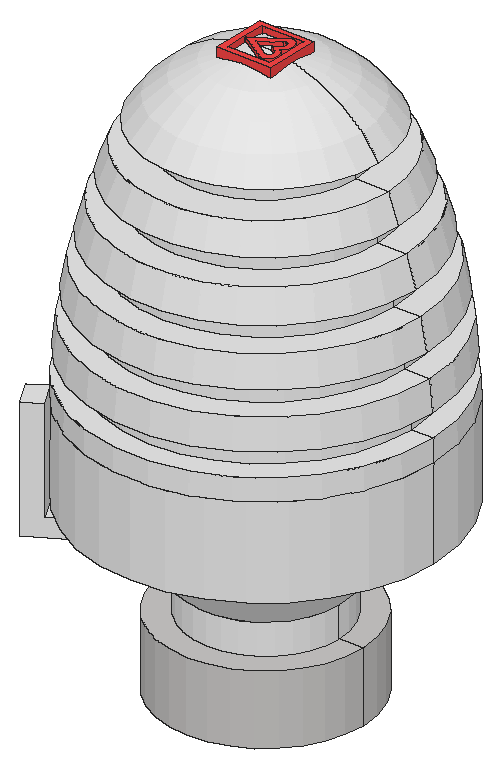
Revit family "Термостатическая головка HERZ-Design, с присоединительной резьбой М 28х1.5, 9260", category Rohrzubehör, Revit 2019
Family settings
  Bemaßung runder Anschluss = Durchmesser verwenden
  Teiletyp = Normal
  OmniClass-Nummer = 23.65.55.14
  OmniClass-Titel = Valves for Liquid Services
  Arbeitsebenenbasiert = Nein
  Immer vertikal = Nein
  Beim Laden mit Abzugskörper schneiden = Nein
  Gemeinsam genutzt = Nein
Parameters
  Принцип действия = "HERZ-термостатическая головка является датчиком прямого регулирования.\r\nИзменение объема жидкости в HERZ-гидросенсоре приводит в движение шток клапана."
  Область применения = "Для монтажа на всех HERZ-клапанах, предназначенных для термостатической работы."
  Номер заказа = 1926006  # constant formula
  Морозозащита = 6 °C  # constant formula
  Маховик = "Пластик, белый"  # constant formula
  Исполнение = "Термостатическая головка с жидкостным датчиком (гидросенсором) с позициями теплового запираниия \"0\" и морозозащиты, с ограничением и блокировкой диапазона регулирования. Цвет маховика - белый."
  Диапазон регулирования = "6-28°C"  # constant formula
  URL = "www.herz-armaturen.ru"
  S02 = 60.000 mm  # constant formula
  S01 = 90.000 mm  # constant formula
  Hersteller = "HERZ Armaturen Ges.m.b.H."  # constant formula
Reference planes
  plane 1 "Mitte (Vorne/hinten)": y = 0
  plane 2: z = 0
  plane 3 "Mitte (Links/rechts)": x = 0
Forms (mm)
  Revolve 1, solid, material "Kunststoff weiß", detail levels fine
    sketch origin (0, 0, 0) x (1, 0, 0) y (0, 0, 1)
      loop
        line (0, 0) -> (0, 90)
        arc (0, 90) -> (-10.767, 87.197) -> (-18.8, 79.5) r 22.08
        arc (-18.8, 79.5) -> (-25.672, 59.356) -> (-28, 38.2) r 97.301
        line (-28, 38.2) -> (-28, 23.2) -> (-23.25, 23.2) -> (-23.25, 20.5) -> (-20.4, 20.5) -> (-20.4, 19.7) -> (-12.2, 11.5) -> (-12.2, 4.8) -> (-13.2, 4.8) -> (-13.2, 0) -> (0, 0)
      axis (0, 90) -> (0, 0)
    angle from 0 to 360
  Extrusion 2, solid, material "Kunststoff weiß", detail levels fine
    sketch origin (0, 0, 0) x (0.866025, 0.5, 0) y (0, 0, 1)
      loop
        line (-28.5, 36.04) -> (-31.75, 36.04) -> (-31.75, 16.2) -> (-20.85, 16.2) -> (-20.85, 20.5) -> (-23.25, 20.5) -> (-23.25, 21.5) -> (-24.578, 19.2) -> (-28.5, 19.2) -> (-28.5, 36.04)
    from 2.5 to -2.5
  Extrusion 3, solid, material "Kunststoff weiß", detail levels fine
    sketch origin (0, 0, 0) x (0, 1, 0) y (0, 0, 1)
      loop
        arc (0.75, 19.2) -> (1.987, 19.713) -> (2.5, 20.95) r 1.75
        line (2.5, 20.95) -> (2.5, 32.2) -> (-2.5, 32.2) -> (-2.5, 20.95)
        arc (-2.5, 20.95) -> (-1.987, 19.713) -> (-0.75, 19.2) r 1.75
        line (-0.75, 19.2) -> (0.75, 19.2)
    from 0 to -31.5
  Revolve 4, solid, material "Messing verzinkt", detail levels fine
    sketch origin (0, 0, 0) x (1, 0, 0) y (0, 0, 1)
      loop
        line (0, 0) -> (0, 6.5) -> (-16.25, 6.5) -> (-16.25, -5) -> (-14, -5) -> (-14, 0) -> (0, 0)
      axis (0, 6.5) -> (0, -5)
    angle from 0 to 360
  Revolve 5, void
    sketch origin (0, 0, 0) x (1, 0, 0) y (0, 0, 1)
      loop
        arc (-18.8, 79.5) -> (-19.64, 77.659) -> (-20.442, 75.8) r 97.301
        line (-20.442, 75.8) -> (-14.951, 75.8) -> (-14.951, 79.5) -> (-18.8, 79.5)
      loop
        line (-27.933, 41.8) -> (-24.226, 41.8) -> (-24.226, 45.5) -> (-27.726, 45.5)
        arc (-27.726, 45.5) -> (-27.847, 43.651) -> (-27.933, 41.8) r 97.301
      loop
        arc (-22.197, 71.3) -> (-22.843, 69.456) -> (-23.452, 67.6) r 97.301
        line (-23.452, 67.6) -> (-18.697, 67.6) -> (-18.697, 71.3) -> (-22.197, 71.3)
      loop
        arc (-24.865, 62.7) -> (-25.326, 60.854) -> (-25.751, 59) r 97.301
        line (-25.751, 59) -> (-21.365, 59) -> (-21.365, 62.7) -> (-24.865, 62.7)
      loop
        arc (-26.692, 54.1) -> (-26.98, 52.253) -> (-27.232, 50.4) r 97.301
        line (-27.232, 50.4) -> (-23.192, 50.4) -> (-23.192, 54.1) -> (-26.692, 54.1)
      axis (0, 79.5) -> (0, 41.8)
    angle from 0 to 360
Cuts and joins
  Revolve 5 cuts Revolve 1
Lines and regions (mm)
  model lines, detail levels coarse+medium
    curve 1: line (0, 0, 0) -> (0, 0, 30)
    curve 2: line (0, 0.018, 0) -> (30, 0.018, 0)
    curve 3: circle (0, 0, 60) r 30 normal (0, -1, 0)
    curve 4: circle (0, 0, 60) r 30 normal (1, 0, 0)
    curve 5: line (0, 0, 40) -> (0, 0, 80)
    curve 6: line (0, 17.5, 80) -> (0, -17.5, 80)
    curve 7: line (0, 0, 40) -> (0, 0, 80)
    curve 8: line (-17.5, 0, 80) -> (17.5, 0, 80)
    curve 9: circle (60, 0.018, 0) r 30 normal (0, 0, 1)
    curve 10: line (40, 0.018, 0) -> (80, 0.018, 0)
    curve 11: line (80, -17.482, 0) -> (80, 17.518, 0)
Dimensions and locks
  nested 1 to plane 2 = 89.000 mm
  "S01": curve 4 to plane 2
  "S01": curve 3 to plane 2
  "S01": plane 3 "Mitte (Links/rechts)" to curve 9
  "S02": diameter of curve 3
  "S02": diameter of curve 4
  "S02": diameter of curve 9
  aligned and locked: level to plane 2
Automatic sketch dimensions
  Revolve 1 sketch curve to level = 0.000 mm
  Revolve 1 sketch curve to plane 3 "Mitte (Links/rechts)" = 0.000 mm  (x2)
  Revolve 1 sketch curve to plane 3 "Mitte (Links/rechts)" = 12.200 mm
  Revolve 1 sketch curve to Revolve 1 sketch curve = 1.000 mm
  Revolve 1 sketch curve to Revolve 1 sketch curve = 8.200 mm  (x2)
  Revolve 1 sketch curve to Revolve 1 sketch curve = 2.850 mm
  Revolve 1 sketch curve to Revolve 1 sketch curve = 4.750 mm
  plane 3 "Mitte (Links/rechts)" to Revolve 1 sketch curve = 69.301 mm
  level to Revolve 1 sketch curve = 4.800 mm
  Revolve 1 sketch curve to Revolve 1 sketch curve = 6.700 mm
  Revolve 1 sketch curve to Revolve 1 sketch curve = 0.800 mm
  Revolve 1 sketch curve to Revolve 1 sketch curve = 2.700 mm
  Revolve 1 sketch curve to Revolve 1 sketch curve = 15.000 mm
  Revolve 1 sketch curve to Revolve 1 sketch curve = 29.720 mm
  Revolve 1 sketch curve to Revolve 1 sketch curve = 22.080 mm
  Revolve 1 sketch curve to level = 366.045 mm
  Revolve 1 sketch curve to Revolve 1 sketch curve = 0.000 mm
  level to Extrusion 2 sketch curve = 36.040 mm
  Extrusion 2 sketch curve to Extrusion 2 sketch curve = 3.250 mm
  Extrusion 2 sketch curve to Extrusion 2 sketch curve = 3.922 mm
  level to Extrusion 2 sketch curve = 21.500 mm
  Extrusion 2 sketch curve to Extrusion 2 sketch curve = 1.328 mm
  Extrusion 2 sketch curve to Extrusion 2 sketch curve = 3.728 mm
  Extrusion 2 sketch curve to Extrusion 2 sketch curve = 1.000 mm
  Extrusion 2 sketch curve to Extrusion 2 sketch curve = 1.300 mm
  Extrusion 2 sketch curve to Extrusion 2 sketch curve = 3.000 mm
  plane 1 "Mitte (Vorne/hinten)" to Extrusion 3 sketch curve = 2.500 mm
  plane 1 "Mitte (Vorne/hinten)" to Extrusion 3 sketch curve = 0.750 mm
  Extrusion 3 sketch curve to plane 1 "Mitte (Vorne/hinten)" = 0.750 mm
  Extrusion 3 sketch curve to plane 1 "Mitte (Vorne/hinten)" = 2.500 mm
  level to Extrusion 3 sketch curve = 19.200 mm
  Extrusion 3 sketch curve to Extrusion 3 sketch curve = 11.250 mm
  Revolve 4 sketch curve to level = 0.000 mm
  Revolve 4 sketch curve to plane 3 "Mitte (Links/rechts)" = 0.000 mm  (x2)
  Revolve 4 sketch curve to level = 5.000 mm
  Revolve 4 sketch curve to plane 3 "Mitte (Links/rechts)" = 14.000 mm
  Revolve 4 sketch curve to Revolve 4 sketch curve = 2.250 mm
  level to Revolve 4 sketch curve = 6.500 mm
  Revolve 4 sketch curve to Revolve 4 sketch curve = 361.045 mm
  Revolve 4 sketch curve to Revolve 4 sketch curve = 2207.815 mm
  Revolve 5 sketch curve to Revolve 5 sketch curve = 0.000 mm  (x20)
  Revolve 5 sketch curve to plane 3 "Mitte (Links/rechts)" = 0.000 mm
  Revolve 5 sketch curve to plane 3 "Mitte (Links/rechts)" = 14.951 mm
  Revolve 5 sketch curve to Revolve 5 sketch curve = 3.746 mm
  Revolve 5 sketch curve to Revolve 5 sketch curve = 3.849 mm
  Revolve 5 sketch curve to Revolve 5 sketch curve = 1.642 mm
  Revolve 5 sketch curve to Revolve 5 sketch curve = 2.668 mm
  Revolve 5 sketch curve to Revolve 5 sketch curve = 3.500 mm  (x4)
  Revolve 5 sketch curve to Revolve 5 sketch curve = 1.827 mm
  Revolve 5 sketch curve to Revolve 5 sketch curve = 1.255 mm
  Revolve 5 sketch curve to Revolve 5 sketch curve = 1.034 mm
  Revolve 5 sketch curve to Revolve 5 sketch curve = 0.886 mm
  Revolve 5 sketch curve to Revolve 5 sketch curve = 0.540 mm
  Revolve 5 sketch curve to Revolve 5 sketch curve = 0.208 mm
  level to Revolve 5 sketch curve = 38.200 mm
  plane 3 "Mitte (Links/rechts)" to Revolve 5 sketch curve = 69.301 mm
  level to Revolve 5 sketch curve = 41.800 mm
  Revolve 5 sketch curve to Revolve 5 sketch curve = 4.900 mm  (x3)
  Revolve 5 sketch curve to Revolve 5 sketch curve = 4.500 mm
  Revolve 5 sketch curve to level = 366.045 mm
  Revolve 5 sketch curve to Revolve 5 sketch curve = 2134.815 mm
  curve 5 to plane 1 "Mitte (Vorne/hinten)" = 0.000 mm
  curve 4 to plane 1 "Mitte (Vorne/hinten)" = 0.000 mm
  plane 1 "Mitte (Vorne/hinten)" to curve 6 = 17.500 mm
  curve 5 to curve 6 = 17.500 mm
  curve 5 to curve 4 = 20.000 mm
  curve 4 to curve 6 = 20.000 mm
  curve 3 to plane 3 "Mitte (Links/rechts)" = 0.000 mm
  curve 7 to plane 3 "Mitte (Links/rechts)" = 0.000 mm
  curve 1 to plane 3 "Mitte (Links/rechts)" = 0.000 mm
  curve 1 to level = 0.000 mm
  curve 8 to curve 7 = 17.500 mm
  plane 3 "Mitte (Links/rechts)" to curve 8 = 17.500 mm
  curve 1 to curve 7 = 10.000 mm
  curve 3 to curve 8 = 20.000 mm
  curve 2 to plane 3 "Mitte (Links/rechts)" = 0.000 mm
  curve 9 to plane 1 "Mitte (Vorne/hinten)" = 0.018 mm
  curve 10 to plane 1 "Mitte (Vorne/hinten)" = 0.018 mm
  curve 2 to curve 10 = 10.000 mm
  curve 9 to curve 11 = 20.000 mm
  plane 1 "Mitte (Vorne/hinten)" to curve 11 = 17.482 mm
  curve 2 to plane 1 "Mitte (Vorne/hinten)" = 0.018 mm
  curve 10 to curve 11 = 17.500 mm
Nested families
  nested 1: "Herz-Logo" at (0, 0, 89) x (0, -1, 0) z (0, 0, 1), type "Herz-Logo"
Definition of nested family "Herz-Logo"
  Reference planes
    plane 1 "Mitte (Vorne/hinten)": y = 0
    plane 2: z = 0
    plane 3 "Mitte (Links/rechts)": x = 0
  Forms (mm)
    Extrusion 1, solid
      sketch origin (0, 0, 0) x (1, 0, 0) y (0, 1, 0)
        loop
          line (-0.018, -4.517) -> (4.482, -4.517) -> (4.482, 4.483) -> (-4.518, 4.483) -> (-4.518, -4.517) -> (-0.018, -4.517)
        loop
          line (-0.05, -3.48) -> (3.482, -3.48) -> (3.482, 3.483) -> (-3.518, 3.483) -> (-3.518, -3.48) -> (-0.05, -3.48)
        loop
          arc (-0.018, 2.383) -> (-1.543, 3.287) -> (-3.067, 2.383) r 1.738
          arc (-3.067, 2.383) -> (-3.191, 1.899) -> (-3.067, 1.415) r 1.009
          line (-3.067, 1.415) -> (-0.018, -3.281) -> (3.032, 1.415)
          arc (3.032, 1.415) -> (3.156, 1.899) -> (3.032, 2.383) r 1.009
          arc (3.032, 2.383) -> (1.507, 3.287) -> (-0.018, 2.383) r 1.738
        loop
          arc (1.885, 1.272) -> (2.005, 1.675) -> (1.885, 2.079) r 0.74
          arc (1.885, 2.079) -> (1.265, 2.416) -> (0.644, 2.079) r 0.74
          line (0.644, 2.079) -> (-0.018, 0.97) -> (-0.679, 2.079)
          arc (-0.679, 2.079) -> (-1.3, 2.416) -> (-1.921, 2.079) r 0.74
          arc (-1.921, 2.079) -> (-2.04, 1.675) -> (-1.921, 1.272) r 0.74
          line (-1.921, 1.272) -> (-0.018, -1.658) -> (1.885, 1.272)
      from 0 to 1.5
  Dimensions and locks
    aligned and locked: level to plane 2
